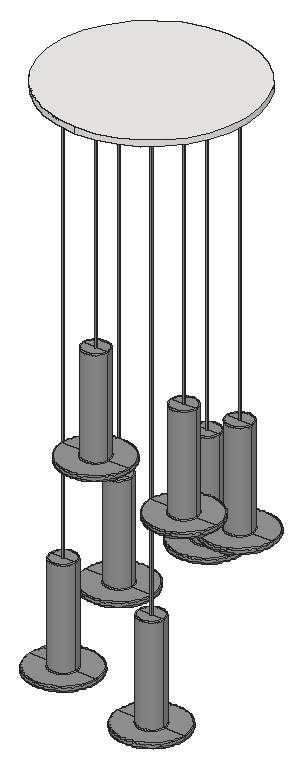
Revit family "Haworth_Cielo_Pendant_SevenLight", category Lighting Fixtures, host Ceiling, Revit 2018
Family settings
  Host = Ceiling
  Round Connector Dimension = Use Diameter
  Part Type = Normal
  OmniClass Number = 23.80.70.11
  OmniClass Title = Luminaries for Internal Lighting
  Always vertical = Yes
  Cut with Voids When Loaded = No
  Light Source = Yes
  Shared = No
  Room Calculation Point = No
Parameters (values of type "LEP7-1810")
  Wattage = 8 W
  built-in parameter 1150110 = 1 (stored number, unit not read)
  built-in parameter 1114217 = 1 (stored number, unit not read)
  Tilt Angle = 90.00°
  built-in parameter 1150109 = 1 (stored number, unit not read)
  built-in parameter 1150134 = (empty or 0)
  built-in parameter 1150113 = 1 (stored number, unit not read)
  Support Radius = 0' - 8 1/2"  # constant formula
  Photometric Web File = "generic"
  built-in parameter 1150142 = (empty or 0)
  built-in parameter 1150105 = 30.558 (stored number, unit not read)
  Lumens = 384 lm
  built-in parameter 1150115 = 1 (stored number, unit not read)
  Light Source Offset [instance] = Actual Cords 7 Length + 0' 10"  # 4' - 4"
  built-in parameter 1150137 = (empty or 0)
  built-in parameter 1150139 = (empty or 0)
  Lamps Width = 1' - 6 1/2"  # constant formula
  Warranty = "http://www.haworth.com/resources/product-info/warranties"
  URL - Product = "https://www.haworth.com/products/lighting/pendant/cielo"
  URL = "http://www.haworth.com/our-brands/haworth-collection"
  Trim Finish [instance] = Haworth _ Metal _ Stainless Steel
  Size = "Verify Final Dim. w/ Haworth"  # constant formula
  Revision Number = "1"  # constant formula
  Model = "LEP7-1810"  # constant formula
  Min. Cords Length = 1' - 0"  # constant formula
  Max. Cords Length = 10' - 0"  # constant formula
  Manufacturer = "Haworth"  # constant formula
  built-in parameter 1150112 = 1 (stored number, unit not read)
  built-in parameter 1150114 = 1 (stored number, unit not read)
  built-in parameter 1150132 = (empty or 0)
  built-in parameter 1150102 = (empty or 0)
  built-in parameter 1150107 = 3000 (stored number, unit not read)
  built-in parameter 1150138 = (empty or 0)
  built-in parameter 1150106 = 0.30558 (stored number, unit not read)
  Glass Finish = Haworth _ Glass _ Frosted
  built-in parameter 1150129 = 2' - 0"
  Emit from Circle Diameter = 1' - 6"
  built-in parameter 1150118 = no
  Emit Shape Visible in Rendering = no
  built-in parameter 1150104 = 4.4593 (stored number, unit not read)
  Dimming Lamp Color Temperature Shift = <None>
  Description = "Haworth Cielo Pendant with Seven Lights"  # constant formula
  Cords Finish = Haworth _ Metal _ Satin Aluminum_Grey-Cord TR-E05
  Cords 7 Length [instance] = 3' - 6"  # constant formula
  Cords 6 Length [instance] = 1' - 6"  # constant formula
  Cords 5 Length [instance] = 3' - 2"  # constant formula
  Cords 4 Length [instance] = 1' - 10"  # constant formula
  Cords 3 Length [instance] = 2' - 10"  # constant formula
  Cords 2 Length [instance] = 2' - 2"  # constant formula
  Cords 1 Length [instance] = 2' - 6"  # constant formula
  Color Filter = 16777215
  built-in parameter 1140040 [instance] = 1
  built-in parameter 1114218 = 1 (stored number, unit not read)
  Author = "Haworth (Alias)"  # constant formula
  built-in parameter 1150133 = 10 (stored number, unit not read)
  Assembly Code = "D5020200"
  Apparent Load = 0 VA
  Actual Cords 7 Length [instance] = if(Cords 7 Length > Max. Cords Length, Max. Cords Length, if(Cords 7 Length < Min. Cords Length, Min. Cords Length, Cords 7 Length))  # 3' - 6"
  Actual Cords 6 Length [instance] = if(Cords 6 Length > Max. Cords Length, Max. Cords Length, if(Cords 6 Length < Min. Cords Length, Min. Cords Length, Cords 6 Length))  # 1' - 6"
  Actual Cords 5 Length [instance] = if(Cords 5 Length > Max. Cords Length, Max. Cords Length, if(Cords 5 Length < Min. Cords Length, Min. Cords Length, Cords 5 Length))  # 3' - 2"
  Actual Cords 4 Length [instance] = if(Cords 4 Length > Max. Cords Length, Max. Cords Length, if(Cords 4 Length < Min. Cords Length, Min. Cords Length, Cords 4 Length))  # 1' - 10"
  Actual Cords 3 Length [instance] = if(Cords 3 Length > Max. Cords Length, Max. Cords Length, if(Cords 3 Length < Min. Cords Length, Min. Cords Length, Cords 3 Length))  # 2' - 10"
  Actual Cords 2 Length [instance] = if(Cords 2 Length > Max. Cords Length, Max. Cords Length, if(Cords 2 Length < Min. Cords Length, Min. Cords Length, Cords 2 Length))  # 2' - 2"
  Actual Cords 1 Length [instance] = if(Cords 1 Length > Max. Cords Length, Max. Cords Length, if(Cords 1 Length < Min. Cords Length, Min. Cords Length, Cords 1 Length))  # 2' - 6"
Reference planes (in)
  plane 1 "Light Source Axis (F/B)": y = 0
  plane 2 "Ceiling": z = 130.5
  plane 3 "Light Source Axis (L/R)": x = 0
  plane 4 "Light Source Elevation": z = 78
  plane 5 "Back": y = 9.25
  plane 6 "Front": y = -9.25
  plane 7 "Left": x = -9.25
  plane 8 "Right": x = 9.25
  plane 9 "Bottom Bracket": z = 130
  plane 10 "Pendant 1.1": y = 6.19432
  plane 11 "Pendant 4.1": y = -6.19432
  plane 12 "Pendant 2.1": y = 3.0995
  plane 13 "Pendant Right": x = 5.35693
  plane 14 "Pendant Left": x = -5.35693
  plane 15 "Pendant 3.1": y = -3.0995
Forms (in)
  Extrusion 1, solid, material "Haworth _ Paint _ Collection White"
    sketch origin (0, 0, 78) x (0, -1, 0) y (1, 0, 0)
      loop
        circle (0, 0) r 8.5
    from 52 to 52.5
Lines and regions (in)
  Masking region 1
    outline origin (0, 0, 78) x (0, -1, 0) y (1, 0, 0)
      loop
        circle (0, 0) r 8.5
  Masking region 2
    outline origin (0, 0, 78.91326) x (0, -1, 0) y (1, 0, 0)
      loop
        circle (-6.19432, 0) r 3
      loop
        circle (6.19432, 0) r 3
      loop
        circle (0, 0) r 3
      loop
        circle (-3.0995, 5.35693) r 3
      loop
        circle (3.0995, 5.35693) r 3
      loop
        circle (-3.0995, -5.35693) r 3
      loop
        circle (3.0995, -5.35693) r 3
Dimensions and locks (in)
  equal spacing: host sketch curve, plane 3 "Light Source Axis (L/R)", host sketch curve
  equal spacing: host sketch curve, plane 1 "Light Source Axis (F/B)", host sketch curve
  host sketch curve to host sketch curve = 10' - 0"  (x2)
  locked: plane 2 "Ceiling" to plane 9 "Bottom Bracket" at 0.5
  equal spacing: plane 7 "Left", plane 3 "Light Source Axis (L/R)", plane 8 "Right"  (x2)
  equal spacing: plane 5 "Back", plane 1 "Light Source Axis (F/B)", plane 6 "Front"
  "Lamps Width": plane 7 "Left" to plane 8 "Right"
  "Lamps Width": plane 5 "Back" to plane 6 "Front"
  "Light Source Offset": plane 9 "Bottom Bracket" to plane 4 "Light Source Elevation"
  "Support Radius": radius of Extrusion 1 sketch curve
  aligned and locked: plane 2 "Ceiling" to host ceiling
  aligned and locked: plane 2 "Ceiling" to Extrusion 1
  aligned and locked: plane 9 "Bottom Bracket" to Extrusion 1
  aligned and locked: plane 3 "Light Source Axis (L/R)" to Masking region 1 sketch curve
  aligned and locked: plane 1 "Light Source Axis (F/B)" to Masking region 1 sketch curve
  aligned and locked: plane 1 "Light Source Axis (F/B)" to Extrusion 1 sketch curve
  aligned and locked: plane 3 "Light Source Axis (L/R)" to Extrusion 1 sketch curve
  aligned and locked: plane 10 "Pendant 1.1" to Masking region 2 sketch curve
  aligned and locked: plane 3 "Light Source Axis (L/R)" to Masking region 2 sketch curve  (x3)
  aligned and locked: plane 1 "Light Source Axis (F/B)" to Masking region 2 sketch curve
  aligned and locked: plane 11 "Pendant 4.1" to Masking region 2 sketch curve
  aligned and locked: plane 3 "Light Source Axis (L/R)" to nested 3
  aligned and locked: nested 3 to plane 11 "Pendant 4.1"
  aligned and locked: nested 1 to plane 10 "Pendant 1.1"
  aligned and locked: plane 3 "Light Source Axis (L/R)" to nested 1
  aligned and locked: plane 3 "Light Source Axis (L/R)" to nested 2
  aligned and locked: plane 1 "Light Source Axis (F/B)" to nested 2
  aligned and locked: plane 2 "Ceiling" to nested 3
  aligned and locked: plane 2 "Ceiling" to nested 2
  aligned and locked: plane 2 "Ceiling" to nested 1
  aligned and locked: plane 12 "Pendant 2.1" to Masking region 2 sketch curve  (x2)
  aligned and locked: plane 15 "Pendant 3.1" to Masking region 2 sketch curve  (x2)
  aligned and locked: plane 13 "Pendant Right" to Masking region 2 sketch curve  (x2)
  aligned and locked: plane 14 "Pendant Left" to Masking region 2 sketch curve  (x2)
  aligned and locked: nested 5 to plane 15 "Pendant 3.1"
  aligned and locked: nested 5 to plane 13 "Pendant Right"
  aligned and locked: plane 12 "Pendant 2.1" to nested 4
  aligned and locked: plane 13 "Pendant Right" to nested 4
  aligned and locked: nested 6 to plane 14 "Pendant Left"
  aligned and locked: nested 6 to plane 12 "Pendant 2.1"
  aligned and locked: nested 7 to plane 15 "Pendant 3.1"
  aligned and locked: nested 7 to plane 14 "Pendant Left"
  aligned and locked: plane 2 "Ceiling" to nested 5
  aligned and locked: plane 2 "Ceiling" to nested 4
  aligned and locked: plane 2 "Ceiling" to nested 7
  aligned and locked: plane 2 "Ceiling" to nested 6
  aligned and locked: plane 3 "Light Source Axis (L/R)" to imposter light
  aligned and locked: imposter light to plane 4 "Light Source Elevation"
Automatic sketch dimensions
  radius of Masking region 1 sketch curve = 0' - 8 1/2"
  radius of Masking region 2 sketch curve = 0' - 3"  (x7)
Nested families (in)
  nested 1: "Haworth_Cielo_Pendant_PART" at (0, 6.19432, 90.5), Cords Length <- "Actual Cords 1 Length", type "Pendant"
    with Cords Length 2' - 6", Actual Cords Length 2' - 6"
  nested 2: "Haworth_Cielo_Pendant_PART" at (0, 0, 78.5), Cords Length <- "Actual Cords 7 Length", type "Pendant"
    with Cords Length 3' - 6", Actual Cords Length 3' - 6"
  nested 3: "Haworth_Cielo_Pendant_PART" at (0, -6.19432, 102.5), Cords Length <- "Actual Cords 6 Length", type "Pendant"
    with Cords Length 1' - 6", Actual Cords Length 1' - 6"
  nested 4: "Haworth_Cielo_Pendant_PART" at (5.35693, 3.0995, 94.5), Cords Length <- "Actual Cords 2 Length", type "Pendant"
    with Cords Length 2' - 2", Actual Cords Length 2' - 2"
  nested 5: "Haworth_Cielo_Pendant_PART" at (5.35693, -3.0995, 98.5), Cords Length <- "Actual Cords 4 Length", type "Pendant"
    with Cords Length 1' - 10", Actual Cords Length 1' - 10"
  nested 6: "Haworth_Cielo_Pendant_PART" at (-5.35693, 3.0995, 86.5), Cords Length <- "Actual Cords 3 Length", type "Pendant"
    with Cords Length 2' - 10", Actual Cords Length 2' - 10"
  nested 7: "Haworth_Cielo_Pendant_PART" at (-5.35693, -3.0995, 82.5), Cords Length <- "Actual Cords 5 Length", type "Pendant"
    with Cords Length 3' - 2", Actual Cords Length 3' - 2"
Connectors (in)
  electrical at (0, 0, 130.5), driven by "Apparent Load"
    settings: on Extrusion 1, index 1, voltage 120 V, apparent load 0 VA, apparent load phase1 0 VA, apparent load phase2 0 VA, apparent load phase3 0 VA, power factor 1, load classification "Other", number of poles 1, system type 31, power factor state 1, is connector primary yes, connector utility no, sub classification motor no, connector description ""
Definition of nested family "Haworth_Cielo_Pendant_PART"
  Parameters (values of type "Pendant")
    Wattage = 8 W
    Warranty = "http://www.haworth.com/resources/product-info/warranties"
    built-in parameter 1150110 = 1 (stored number, unit not read)
    URL - Product = "https://www.haworth.com/products/lighting/pendant/cielo"
    URL = "http://www.haworth.com/our-brands/haworth-collection"
    Trim Finish = none
    built-in parameter 1114217 = 1 (stored number, unit not read)
    Tilt Angle = 90.00°
    built-in parameter 1150109 = 1 (stored number, unit not read)
    built-in parameter 1150134 = (empty or 0)
    built-in parameter 1150113 = 1 (stored number, unit not read)
    Size = "Verify Final Dim. w/ Haworth"  # constant formula
    Revision Number = "1"  # constant formula
    Photometric Web File = "generic"
    built-in parameter 1150142 = (empty or 0)
    Model = "LEP"  # constant formula
    Min. Cords Length = 1' - 0"  # constant formula
    Max. Cords Length = 10' - 0"  # constant formula
    Manufacturer = "Haworth"  # constant formula
    built-in parameter 1150105 = 30.558 (stored number, unit not read)
    Lumens = 384 lm
    built-in parameter 1150115 = 1 (stored number, unit not read)
    built-in parameter 1150137 = (empty or 0)
    built-in parameter 1150139 = (empty or 0)
    Lamps Width = 0' - 6"  # constant formula
    built-in parameter 1150112 = 1 (stored number, unit not read)
    built-in parameter 1150114 = 1 (stored number, unit not read)
    built-in parameter 1150132 = (empty or 0)
    built-in parameter 1150102 = (empty or 0)
    built-in parameter 1150107 = 3000 (stored number, unit not read)
    built-in parameter 1150138 = (empty or 0)
    built-in parameter 1150106 = 0.30558 (stored number, unit not read)
    Glass Finish = none
    Emit from Circle Diameter = 2' - 0"
    Emit Shape Visible in Rendering = no
    built-in parameter 1150104 = 4.4593 (stored number, unit not read)
    Dimming Lamp Color Temperature Shift = (empty or 0)
    Description = "Haworth - Cielo - Pendant"  # constant formula
    Cords Length [instance] = 2' - 8"
    Cords Finish = none
    Color Filter = 16777215
    built-in parameter 1114218 = 1 (stored number, unit not read)
    Author = "Haworth(Alias)"  # constant formula
    built-in parameter 1150133 = 10 (stored number, unit not read)
    Actual Cords Length [instance] = if(Cords Length > Max. Cords Length, Max. Cords Length, if(Cords Length < Min. Cords Length, Min. Cords Length, Cords Length))  # 2' - 8"
  Reference planes (in)
    plane 1 "Light Source Axis (F/B)": y = 0
    plane 2: z = 0
    plane 3 "Light Source Axis (L/R)": x = 0
    plane 4 "Light Source Elevation": z = 0.26953
    plane 5: y = 3
    plane 6: y = -3
    plane 7: x = 3
    plane 8: x = -3
    plane 9 "Top": z = 42
    plane 10 "Bottom Bracket": z = 41.5
    plane 11 "Bottom Cords": z = 9.5
    plane 12 "Middle Lamps": z = 0.85937
    plane 13 "Bottom Lamps": z = 0.46875
  Forms (in)
    Revolve 1, solid, material <- "Trim Finish"
      sketch origin (0, 0, 0) x (1, 0, 0) y (0, 0, 1)
        loop
          line (0, 9.5) -> (0, 0.46875) -> (2.9375, 0.46875)
          arc (2.9375, 0.46875) -> (2.98169, 0.48706) -> (3, 0.53125) r 0.0625
          line (3, 0.53125) -> (3, 0.79687)
          arc (3, 0.79687) -> (2.98169, 0.84107) -> (2.9375, 0.85937) r 0.0625
          line (2.9375, 0.85937) -> (1.18689, 0.85937)
          arc (1.18689, 0.85937) -> (1.14269, 0.87768) -> (1.12439, 0.92187) r 0.0625
          line (1.12439, 0.92187) -> (1.12439, 9.4375)
          arc (1.12439, 9.4375) -> (1.10608, 9.48169) -> (1.06189, 9.5) r 0.0625
          line (1.06189, 9.5) -> (0, 9.5)
        axis (0, 9.5) -> (0, 0.46875)
      angle from 0 to 360
    Extrusion 2, solid, material <- "Cords Finish"
      sketch origin (0, 0, 0) x (1, 0, 0) y (0, 1, 0)
        loop
          circle (0, 0) r 0.08004
      from 9.5 to 41.5
  Lines and regions (in)
    Masking region 1
      outline origin (0, 0, 0) x (1, 0, 0) y (0, 1, 0)
        loop
          circle (0, 0) r 3
  Dimensions and locks (in)
    locked: plane 9 "Top" to plane 10 "Bottom Bracket" at 0.5
    "Actual Cords Length": plane 10 "Bottom Bracket" to plane 11 "Bottom Cords"
    locked: plane 11 "Bottom Cords" to plane 12 "Middle Lamps" at 8.64062
    locked: plane 12 "Middle Lamps" to plane 4 "Light Source Elevation" at 0.58984
    locked: plane 4 "Light Source Elevation" to plane 2 at 0.26953
    radius of Masking region 1 sketch curve = 0' - 3"
    aligned and locked: level to plane 2
    aligned and locked: imposter light to plane 4 "Light Source Elevation"
    aligned and locked: plane 3 "Light Source Axis (L/R)" to Revolve 1 sketch curve
    aligned and locked: Revolve 1 sketch curve to plane 13 "Bottom Lamps"
    aligned and locked: plane 12 "Middle Lamps" to Revolve 1 sketch curve
    aligned and locked: Revolve 1 sketch curve to plane 7
    aligned and locked: Revolve 1 sketch curve to plane 3 "Light Source Axis (L/R)"
    aligned and locked: plane 1 "Light Source Axis (F/B)" to Extrusion 2 sketch curve
    aligned and locked: plane 3 "Light Source Axis (L/R)" to Extrusion 2 sketch curve
    aligned and locked: plane 11 "Bottom Cords" to Extrusion 2
    aligned and locked: Extrusion 2 to plane 10 "Bottom Bracket"
  Automatic sketch dimensions
    Revolve 1 sketch curve to plane 11 "Bottom Cords" = 0' - 0"
    plane 11 "Bottom Cords" to Revolve 1 sketch curve = 0' - 0 1/16"
    plane 3 "Light Source Axis (L/R)" to Revolve 1 sketch curve = 0' - 1.06189"
    Revolve 1 sketch curve to Revolve 1 sketch curve = 0' - 0 1/16"  (x2)
    Revolve 1 sketch curve to plane 7 = 0' - 0 1/16"
    Revolve 1 sketch curve to level = 0' - 5 1/2"
    Revolve 1 sketch curve to plane 11 "Bottom Cords" = 0' - 5"
    plane 1 "Light Source Axis (F/B)" to Masking region 1 sketch curve = 0' - 0"
    Masking region 1 sketch curve to plane 3 "Light Source Axis (L/R)" = 0' - 0"
    radius of Extrusion 2 sketch curve = 0' - 0.08004"
